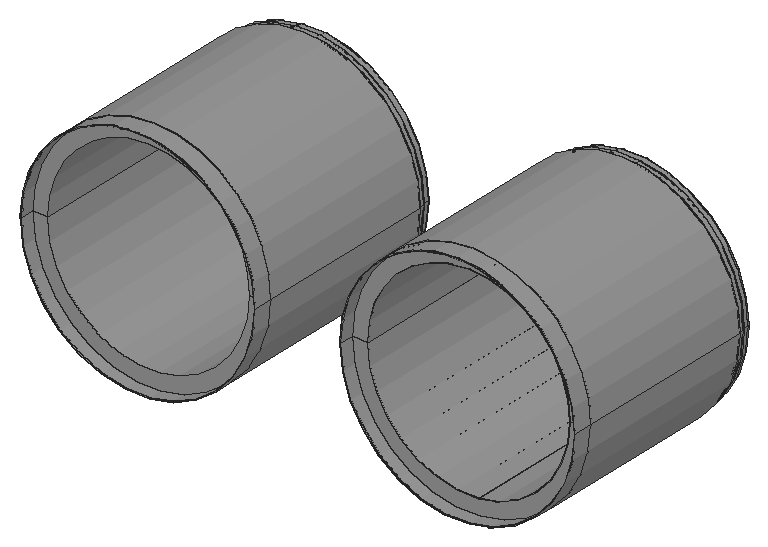
Revit family "Ø2450mm-TIPO A - con y sin HDPE - copia", category Modelos genéricos, Revit 2020
Family settings
  Puede alojar armadura = No
  Cota de conector redondo = Diámetro de uso
  Tipo de pieza = Normal
  Se basa en plano de trabajo = No
  Siempre vertical = Sí
  Corte con vacíos al cargar = No
  Compartido = No
  Punto de cálculo de habitación = No
Parameters
  URL = "www.titancemento.com"
  Radio = 1225 mm
  Largo = 2500 mm
  Fabricante = "TITAN"
  Espesor muro = 200 mm
  Elevación por defecto = 0 mm
  Diametro interno = Radio * 2  # 2450 mm
  Diametro externo = Diametro interno + (2 * Espesor muro)  # 2850 mm
  Descripción = "TUBO JACKING PIPE Ø200cm-TIPO A"
  Comentarios de tipo = "CLASE 2,3,4 Y 5"
Reference planes
  plane 1 "Centro (Frontal/Posterior)": y = 0
  plane 2: z = 0
  plane 3 "Centro (Izquierda/Derecha)": x = 0
Forms (mm)
  Revolve 1, solid, material "Concreto_Tuberia_Titan"
    sketch origin (0, 0, 0) x (1, 0, 0) y (0, 1, 0)
      loop
        line (1425, 2495.835) -> (1414.087, 2506.742)
        arc (1414.087, 2506.742) -> (1411.566, 2510.444) -> (1410.577, 2514.811) r 12
        line (1410.577, 2514.811) -> (1408.343, 2578.777)
        arc (1408.343, 2578.777) -> (1408.013, 2579.81) -> (1407.192, 2580.519) r 2
        line (1407.192, 2580.519) -> (1396.598, 2585.481)
        arc (1396.598, 2585.481) -> (1395.777, 2586.19) -> (1395.447, 2587.222) r 2
        line (1395.447, 2587.222) -> (1392.757, 2664.21)
        arc (1392.757, 2664.21) -> (1390.929, 2668.316) -> (1386.761, 2670) r 6
        line (1386.761, 2670) -> (1225, 2670) -> (1225, 2495.835) -> (1225, 170) -> (1414, 170) -> (1414, 240) -> (1425, 240) -> (1425, 2495.835)
      axis (0, 2670) -> (0, 170)
    angle from 0 to 360
  Revolve 2, solid, material "Acero AISI 1015"
    sketch origin (0, 0, 0) x (1, 0, 0) y (0, 1, 0)
      loop
        line (1423.54, 239.995) -> (1414.015, 239.995) -> (1414.015, 5.895) -> (1420.015, -0.005) -> (1423.54, -0.005) -> (1423.54, 239.995)
      axis (0, 239.995) -> (0, -0.005)
    angle from 0 to 360
  Revolve 3, solid, material "Concreto_Tuberia_Titan"
    sketch origin (4000, 0, 0) x (1, 0, 0) y (0, 1, 0)
      loop
        line (1300, 2495.835) -> (1289.087, 2506.742)
        arc (1289.087, 2506.742) -> (1286.566, 2510.444) -> (1285.577, 2514.811) r 12
        line (1285.577, 2514.811) -> (1283.343, 2578.777)
        arc (1283.343, 2578.777) -> (1283.013, 2579.81) -> (1282.192, 2580.519) r 2
        line (1282.192, 2580.519) -> (1271.598, 2585.481)
        arc (1271.598, 2585.481) -> (1270.777, 2586.19) -> (1270.447, 2587.222) r 2
        line (1270.447, 2587.222) -> (1267.757, 2664.21)
        arc (1267.757, 2664.21) -> (1265.929, 2668.316) -> (1261.761, 2670) r 6
        line (1261.761, 2670) -> (1100, 2670) -> (1100, 2495.835) -> (1100, 170) -> (1289, 170) -> (1289, 240) -> (1300, 240) -> (1300, 2495.835)
      axis (-125, 2670) -> (-125, 170)
    angle from 0 to 360
  Revolve 4, solid, material "Acero AISI 1015"
    sketch origin (4000, 0, 0) x (1, 0, 0) y (0, 1, 0)
      loop
        line (1298.525, 239.995) -> (1289, 239.995) -> (1289, 5.895) -> (1295, -0.005) -> (1298.525, -0.005) -> (1298.525, 239.995)
      axis (-125, 239.995) -> (-125, -0.005)
    angle from 0 to 360
  Revolve 5, solid, material "Caucho, natural"
    sketch origin (0, 0, 0) x (1, 0, 0) y (0, 1, 0)
      loop
        line (5100, 169.995) -> (5100, 2670) -> (5099.2, 2670) -> (5099.2, 169.995) -> (5100, 169.995)
      axis (3875, 169.995) -> (3875, 2670)
    angle from 0 to 360
Dimensions and locks
  "Radio": Revolve 1 sketch curve to Revolve 1 sketch curve
  "Espesor muro": Revolve 1 sketch curve to Revolve 1 sketch curve
  "Largo": Revolve 1 sketch curve to Revolve 1 sketch curve
  "Radio": Revolve 3 sketch curve to Revolve 3 sketch curve
  "Espesor muro": Revolve 3 sketch curve to Revolve 3 sketch curve
  "Largo": Revolve 3 sketch curve to Revolve 3 sketch curve
  Revolve 5 to Revolve 3 = 0 mm
  Revolve 5 to Revolve 4 = 170 mm
  aligned and locked: level to plane 2
Automatic sketch dimensions
  plane 3 "Centro (Izquierda/Derecha)" to Revolve 2 sketch curve = 0 mm
  Revolve 2 sketch curve to plane 1 "Centro (Frontal/Posterior)" = 239.995 mm
  plane 3 "Centro (Izquierda/Derecha)" to Revolve 2 sketch curve = 1414.015 mm
  plane 1 "Centro (Frontal/Posterior)" to Revolve 2 sketch curve = 0.005 mm
  Revolve 2 sketch curve to Revolve 2 sketch curve = 6 mm
  Revolve 2 sketch curve to Revolve 2 sketch curve = 3.525 mm
  Revolve 2 sketch curve to plane 1 "Centro (Frontal/Posterior)" = 5.895 mm
  plane 1 "Centro (Frontal/Posterior)" to Revolve 2 sketch curve = 599.651 mm
  Revolve 2 sketch curve to plane 1 "Centro (Frontal/Posterior)" = 420.349 mm
  Revolve 4 sketch curve to plane 1 "Centro (Frontal/Posterior)" = 239.995 mm
  plane 3 "Centro (Izquierda/Derecha)" to Revolve 4 sketch curve = 5289 mm
  plane 1 "Centro (Frontal/Posterior)" to Revolve 4 sketch curve = 0.005 mm
  Revolve 4 sketch curve to Revolve 4 sketch curve = 6 mm
  Revolve 4 sketch curve to Revolve 4 sketch curve = 3.525 mm
  Revolve 4 sketch curve to plane 1 "Centro (Frontal/Posterior)" = 5.895 mm
  Revolve 4 sketch curve to plane 1 "Centro (Frontal/Posterior)" = 420.349 mm
  Revolve 4 sketch curve to Revolve 4 sketch curve = 1414 mm
  plane 1 "Centro (Frontal/Posterior)" to Revolve 4 sketch curve = 599.651 mm
  Revolve 5 sketch curve to plane 1 "Centro (Frontal/Posterior)" = 169.995 mm
  plane 3 "Centro (Izquierda/Derecha)" to Revolve 5 sketch curve = 5099.2 mm
  Revolve 5 sketch curve to Revolve 5 sketch curve = 0.8 mm
  Revolve 5 sketch curve to Revolve 5 sketch curve = 2500.005 mm
  Revolve 5 sketch curve to Revolve 5 sketch curve = 1224.2 mm
  Revolve 5 sketch curve to plane 1 "Centro (Frontal/Posterior)" = 239.995 mm
  Revolve 5 sketch curve to Revolve 5 sketch curve = 174.165 mm
  Revolve 1 sketch curve to plane 3 "Centro (Izquierda/Derecha)" = 0 mm
  Revolve 1 sketch curve to Revolve 1 sketch curve = 161.761 mm
  Revolve 1 sketch curve to Revolve 1 sketch curve = 5.996 mm
  Revolve 1 sketch curve to Revolve 1 sketch curve = 2.69 mm
  Revolve 1 sketch curve to Revolve 1 sketch curve = 1.15 mm
  Revolve 1 sketch curve to Revolve 1 sketch curve = 0.848 mm  (x2)
  Revolve 1 sketch curve to Revolve 1 sketch curve = 9.746 mm
  Revolve 1 sketch curve to Revolve 1 sketch curve = 1.999 mm
  Revolve 1 sketch curve to Revolve 1 sketch curve = 14.423 mm
  Revolve 1 sketch curve to Revolve 1 sketch curve = 11 mm
  Revolve 1 sketch curve to Revolve 1 sketch curve = 3.51 mm
  Revolve 1 sketch curve to Revolve 1 sketch curve = 11.993 mm
  Revolve 1 sketch curve to plane 1 "Centro (Frontal/Posterior)" = 170 mm
  Revolve 1 sketch curve to Revolve 1 sketch curve = 70 mm
  Revolve 1 sketch curve to Revolve 1 sketch curve = 174.165 mm  (x2)
  Revolve 1 sketch curve to Revolve 1 sketch curve = 10.907 mm
  Revolve 1 sketch curve to Revolve 1 sketch curve = 8.069 mm
  Revolve 1 sketch curve to Revolve 1 sketch curve = 63.896 mm
  Revolve 1 sketch curve to Revolve 1 sketch curve = 0.07 mm
  Revolve 1 sketch curve to Revolve 1 sketch curve = 4.962 mm
  Revolve 1 sketch curve to Revolve 1 sketch curve = 1.741 mm
  Revolve 1 sketch curve to Revolve 1 sketch curve = 6 mm
  plane 1 "Centro (Frontal/Posterior)" to Revolve 1 sketch curve = 356.638 mm
  Revolve 1 sketch curve to Revolve 1 sketch curve = 173.346 mm
  Revolve 3 sketch curve to plane 1 "Centro (Frontal/Posterior)" = 2495.835 mm
  plane 3 "Centro (Izquierda/Derecha)" to Revolve 3 sketch curve = 5100 mm
  Revolve 3 sketch curve to Revolve 3 sketch curve = 161.761 mm
  Revolve 3 sketch curve to Revolve 3 sketch curve = 5.996 mm
  Revolve 3 sketch curve to plane 1 "Centro (Frontal/Posterior)" = 2587.222 mm
  Revolve 3 sketch curve to Revolve 3 sketch curve = 2.69 mm
  Revolve 3 sketch curve to plane 1 "Centro (Frontal/Posterior)" = 2585.481 mm
  Revolve 3 sketch curve to Revolve 3 sketch curve = 1.15 mm
  Revolve 3 sketch curve to Revolve 3 sketch curve = 0.848 mm  (x2)
  Revolve 3 sketch curve to Revolve 3 sketch curve = 9.746 mm
  Revolve 3 sketch curve to plane 1 "Centro (Frontal/Posterior)" = 2580.519 mm
  Revolve 3 sketch curve to plane 1 "Centro (Frontal/Posterior)" = 2578.777 mm
  Revolve 3 sketch curve to Revolve 3 sketch curve = 1.999 mm
  Revolve 3 sketch curve to plane 1 "Centro (Frontal/Posterior)" = 2514.811 mm
  Revolve 3 sketch curve to Revolve 3 sketch curve = 14.423 mm
  Revolve 3 sketch curve to Revolve 3 sketch curve = 11 mm
  Revolve 3 sketch curve to plane 1 "Centro (Frontal/Posterior)" = 2506.742 mm
  Revolve 3 sketch curve to Revolve 3 sketch curve = 3.51 mm
  Revolve 3 sketch curve to Revolve 3 sketch curve = 11.993 mm
  Revolve 3 sketch curve to Revolve 3 sketch curve = 10.907 mm
  Revolve 3 sketch curve to plane 1 "Centro (Frontal/Posterior)" = 240 mm
  Revolve 3 sketch curve to plane 1 "Centro (Frontal/Posterior)" = 170 mm
  Revolve 3 sketch curve to Revolve 3 sketch curve = 6 mm
  plane 1 "Centro (Frontal/Posterior)" to Revolve 3 sketch curve = 356.638 mm
  Revolve 3 sketch curve to Revolve 3 sketch curve = 173.346 mm
